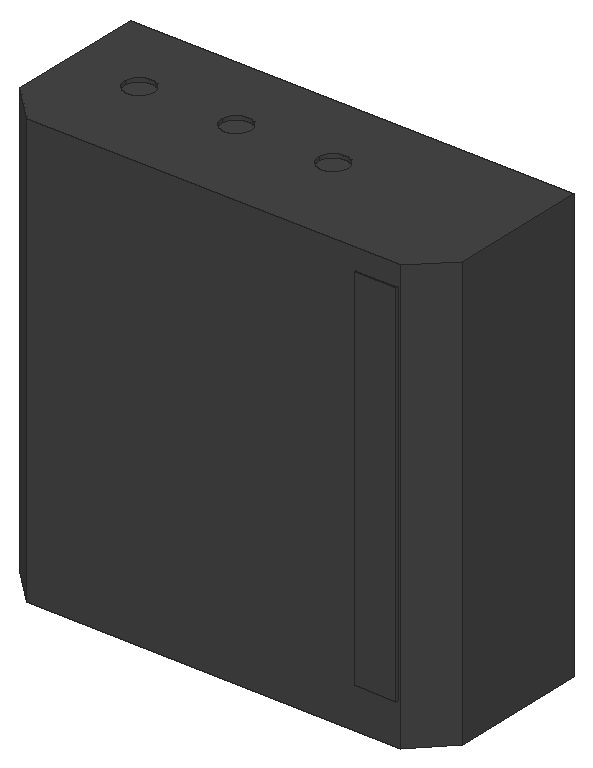
Revit family "SP4184_EUR_Revit", category Mechanical Equipment, Revit 2014
Parameters (values of type "Standard")
  d67 = 0' - 0"
  d25 = 0' - 0 1/4"
  d23 = 0' - 0 1/4"
  URL = "www.neptronic.com"
  Part Number = "SP4184_Revit"
  Model = "SKE50, SKE60, SKE80"
  Manufacturer = "Neptronic"
  Designer = "Antoine"
  Design Status = 1
  Description = "Electric Resistive Humidifier"
  Date Created = "2014-06-26 07:57:10"
  Connector_6_Diameter = 0' - 0"
  Connector_5_Diameter = 0' - 0"
  Connector_4_Diameter = 0' - 0"
  Connector_3_Diameter = 0' - 0"
  Connector_2_Diameter = 0' - 0"
  Connector_1_Diameter = 0' - 0"
  Author = "Antoine"
Reference planes (in)
  plane 1 "Center (Front/Back)": y = 0
  plane 2: z = 0
  plane 3 "Center (Left/Right)": x = 0
  plane 4: z = 31.25
  plane 5: z = 31.25
  plane 6: z = 31
  plane 7: z = 0
  plane 8: z = 0.25
Forms (in)
  Sweep 1, solid
    path in 3D
      loop
        line (-2.49255, 2.49255, 31.25) -> (-2.49255, 2.49255, 0)
    profile origin (-2.49255, 2.49255, 31.25) x (0, -1, 0) y (1, 0, 0)
      loop
        line (-10.00745, 0) -> (0, 0) -> (2.49255, 2.49255) -> (2.49255, 29.50745) -> (0, 32) -> (-10.00745, 32) -> (-10.00745, 0)
  Extrusion 2, void
    sketch origin (0, 0, 31.25) x (-1, 0, 0) y (0, -1, 0)
      loop
        circle (-16.69545, -6.812) r 1.0625
      loop
        circle (-9.69545, -6.812) r 1.0625
      loop
        circle (-2.69545, -6.812) r 1.0625
    from 0 to -0.25
  Extrusion 3, void
    sketch origin (0, 0, 0) x (0, 1, 0) y (1, 0, 0)
      loop
        circle (6.937, 26.88245) r 0.4375
      loop
        circle (10.5, 20.6387) r 0.25
      loop
        circle (2.75, 1.63245) r 0.375
      loop
        circle (4.312, 26.88245) r 0.4375
      loop
        circle (10.5, 22.3887) r 0.375
    from 0 to -0.25
  Extrusion 4, solid
    sketch origin (0, 0, 31.25) x (0, 0, -1) y (1, 0, 0)
      loop
        line (28.25, 26.7649) -> (1.5, 26.7649) -> (1.5, 23.7649) -> (28.25, 23.7649) -> (28.25, 26.7649)
    from 0 to 0.125
Cuts and joins
  Extrusion 2, Extrusion 3 cuts Sweep 1
  joined: Sweep 1, Extrusion 4
Lines and regions (in)
  reference lines
    curve 1: line (-2.49255, 12.5, 31.25) -> (-2.49255, 2.49255, 31.25)
    curve 2: line (-2.49255, 2.49255, 31.25) -> (0, 0, 31.25)
    curve 3: line (0, 0, 31.25) -> (27.0149, 0, 31.25)
    curve 4: line (27.0149, 0, 31.25) -> (29.50745, 2.49255, 31.25)
    curve 5: line (29.50745, 2.49255, 31.25) -> (29.50745, 12.5, 31.25)
    curve 6: line (29.50745, 12.5, 31.25) -> (-2.49255, 12.5, 31.25)
    curve 7: line (-2.49255, 2.49255, 31.25) -> (-2.49255, 2.49255, 0)
    curve 8: line (-2.49255, 2.49255, 31.25) -> (-2.49255, 2.49255, 0)
    curve 10: circle (16.69545, 6.812, 31.25) r 1.0625 normal (0, 0, 1)
    curve 11: circle (9.69545, 6.812, 31.25) r 1.0625 normal (0, 0, 1)
    curve 12: circle (2.69545, 6.812, 31.25) r 1.0625 normal (0, 0, 1)
    curve 13: circle (26.88245, 6.937, 0) r 0.4375 normal (0, 0, -1)
    curve 14: circle (20.6387, 10.5, 0) r 0.25 normal (0, 0, -1)
    curve 15: circle (1.63245, 2.75, 0) r 0.375 normal (0, 0, -1)
    curve 16: circle (26.88245, 4.312, 0) r 0.4375 normal (0, 0, -1)
    curve 17: circle (22.3887, 10.5, 0) r 0.375 normal (0, 0, -1)
    curve 18: line (26.7649, 0, 3) -> (23.7649, 0, 3)
    curve 19: line (23.7649, 0, 3) -> (23.7649, 0, 29.75)
    curve 20: line (26.7649, 0, 29.75) -> (23.7649, 0, 29.75)
    curve 21: line (26.7649, 0, 29.75) -> (26.7649, 0, 3)
  sketch lines
    curve 9: line (-2.49255, 2.49255, 31.25) -> (-2.49255, 2.49255, 0)
Dimensions and locks (in)
  "d23": plane 6 to plane 5
  "d25": plane 8 to plane 7
  aligned and locked: plane 2 to level
  aligned and locked: Sweep 1 sketch curve to curve 1
  aligned and locked: Sweep 1 sketch curve to curve 2
  aligned and locked: Sweep 1 sketch curve to curve 3
  aligned and locked: Sweep 1 sketch curve to curve 4
  aligned and locked: Sweep 1 sketch curve to curve 5
  aligned and locked: Sweep 1 sketch curve to curve 6
  aligned and locked: curve 9 to curve 7
  aligned and locked: plane 6 to Extrusion 2
  aligned and locked: Extrusion 2 to plane 5
  aligned and locked: Extrusion 2 sketch curve to curve 10  (x2)
  aligned and locked: Extrusion 2 sketch curve to curve 11  (x2)
  aligned and locked: Extrusion 2 sketch curve to curve 12  (x2)
  aligned and locked: Extrusion 3 to plane 8
  aligned and locked: plane 7 to Extrusion 3
  aligned and locked: Extrusion 3 sketch curve to curve 13  (x2)
  aligned and locked: Extrusion 3 sketch curve to curve 14  (x2)
  aligned and locked: Extrusion 3 sketch curve to curve 15  (x2)
  aligned and locked: Extrusion 3 sketch curve to curve 16  (x2)
  aligned and locked: Extrusion 3 sketch curve to curve 17  (x2)
  aligned and locked: Extrusion 4 sketch curve to curve 18
  aligned and locked: Extrusion 4 sketch curve to curve 19
  aligned and locked: Extrusion 4 sketch curve to curve 20
  aligned and locked: Extrusion 4 sketch curve to curve 21
Connectors (in)
  hvac at (2.69545, 6.812, 31.25), driven by "Connector_1_Diameter"
    settings: on cut or joined group of Sweep 1, Extrusion 2, Extrusion 3, Extrusion 4, index 1, duct flow 0 CFM, flow factor 0, pres drop 0.00 in-wg, loss coef 0, conn angle 0.00°, conn width 12", conn height 12", conn diameter 0", duct sys type 1, conn prof type 0, flow config 1, flow direction 2, loss method 0, conn ref index -1, conn util no, is conn primary yes, conn desc "Steam outlet 2 1/8'' (1 of 3)"
  hvac at (9.69545, 6.812, 31.25), driven by "Connector_2_Diameter"
    settings: on cut or joined group of Sweep 1, Extrusion 2, Extrusion 3, Extrusion 4, index 2, duct flow 0 CFM, flow factor 0, pres drop 0.00 in-wg, loss coef 0, conn angle 0.00°, conn width 12", conn height 12", conn diameter 0", duct sys type 1, conn prof type 0, flow config 1, flow direction 2, loss method 0, conn ref index -1, conn util no, is conn primary no, conn desc "Steam Outlet 2 1/8'' (2 of 3)"
  hvac at (16.69545, 6.812, 31.25), driven by "Connector_3_Diameter"
    settings: on cut or joined group of Sweep 1, Extrusion 2, Extrusion 3, Extrusion 4, index 3, duct flow 0 CFM, flow factor 0, pres drop 0.00 in-wg, loss coef 0, conn angle 0.00°, conn width 12", conn height 12", conn diameter 0", duct sys type 1, conn prof type 0, flow config 1, flow direction 2, loss method 0, conn ref index -1, conn util no, is conn primary no, conn desc "Steam Outlet 2 1/8'' (3 of 3)"
  piping at (1.63245, 2.75, 0), driven by "Connector_4_Diameter"
    settings: on cut or joined group of Sweep 1, Extrusion 2, Extrusion 3, Extrusion 4, index 4, connector diameter 0", connector inside diameter 24", connector length 0' - 0", flow factor 0, pipe flow 0 GPM, pressure drop 0.00 psi, fitting loss kfactor 0, connector angle 0.00°, fixture units 0, engagement length 0' - 0", angle of deflection 0.00°, flow configuration 1, flow direction 1, fitting loss method 0, system type 20, joint type 0, gender type 0, connector reference index -1, connector utility 0, adjustable connector no, is connector primary yes, connector description "Water Inlet 3/4'' G"
  piping at (20.6387, 10.5, 0), driven by "Connector_5_Diameter"
    settings: on cut or joined group of Sweep 1, Extrusion 2, Extrusion 3, Extrusion 4, index 5, connector diameter 0", connector inside diameter 24", connector length 0' - 0", flow factor 0, pipe flow 0 GPM, pressure drop 0.00 psi, fitting loss kfactor 0, connector angle 0.00°, fixture units 0, engagement length 0' - 0", angle of deflection 0.00°, flow configuration 1, flow direction 2, fitting loss method 0, system type 16, joint type 0, gender type 0, connector reference index -1, connector utility 0, adjustable connector no, is connector primary no, connector description "Pan drip drain outlet  1/2''"
  piping at (22.3887, 10.5, 0), driven by "Connector_6_Diameter"
    settings: on cut or joined group of Sweep 1, Extrusion 2, Extrusion 3, Extrusion 4, index 6, connector diameter 0", connector inside diameter 24", connector length 0' - 0", flow factor 0, pipe flow 0 GPM, pressure drop 0.00 psi, fitting loss kfactor 0, connector angle 0.00°, fixture units 0, engagement length 0' - 0", angle of deflection 0.00°, flow configuration 1, flow direction 2, fitting loss method 0, system type 16, joint type 0, gender type 0, connector reference index -1, connector utility 0, adjustable connector no, is connector primary no, connector description "Main drain outlet  3/4''"
  electrical at (26.88245, 6.937, 0)
    settings: on cut or joined group of Sweep 1, Extrusion 2, Extrusion 3, Extrusion 4, index 7, voltage 0 V, apparent load 0 VA, apparent load phase1 0 VA, apparent load phase2 0 VA, apparent load phase3 0 VA, power factor 1, load classification "Other", number of poles 1, system type 13, power factor state 1, is connector primary yes, connector utility no, sub classification motor no, connector description "Low voltage control inlet 7/8'' (KO)"
  electrical at (26.88245, 4.312, 0)
    settings: on cut or joined group of Sweep 1, Extrusion 2, Extrusion 3, Extrusion 4, index 8, voltage 0 V, apparent load 0 VA, apparent load phase1 0 VA, apparent load phase2 0 VA, apparent load phase3 0 VA, power factor 0, load classification "Other", number of poles 1, system type 30, power factor state 1, is connector primary no, connector utility no, sub classification motor no, connector description "Power supply 7/8'' (KO)"
